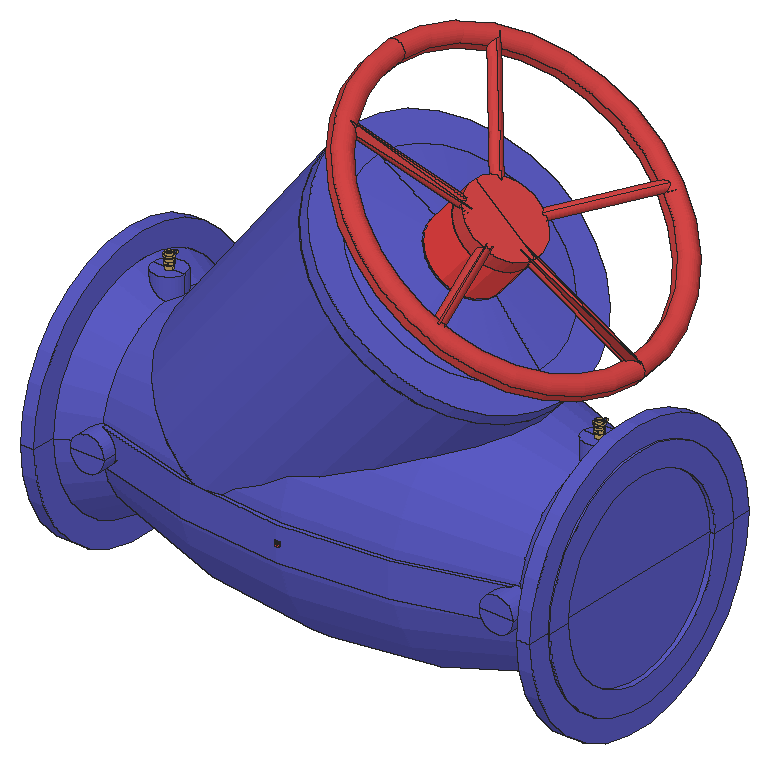
Revit family "HERZ Strömax Балансировочный клапан с измерительными клапанами, шпиндель наклонный 4220 GF PN25", category Rohrzubehör, Revit 2018
Family settings
  Bemaßung runder Anschluss = Durchmesser verwenden
  Teiletyp = Unterbricht
  OmniClass-Nummer = 23.65.55.14
  OmniClass-Titel = Valves for Liquid Services
  Arbeitsebenenbasiert = Nein
  Immer vertikal = Ja
  Beim Laden mit Abzugskörper schneiden = Nein
  Gemeinsam genutzt = Nein
Parameters
  Шпиндель = "нержавеющая сталь"  # constant formula
  Среда = "Допускается использование этилен- и пропиленгликоля в концентрации смеси 25-50% объема.\r\nКачество теплоносителя согласно ÖNORM H 5195 и VDI 2035."
  Область применения = "Для гидравлической балансировки в системах отопления или охлаждения, регулирования и перекрытия трубопроводов, стояков, теплообменников, тепловых и холодильных регистров."
  Номер заказа [instance] = size_lookup("4220_GF_25_", "Artnr", 0, Nennweite)  # 1422089
  Мин. рабочая температура = -10 °C  # constant formula
  Макс. рабочее давление = 2500000.0 Pa  # constant formula
  Макс. рабочая температура = 110 °C  # constant formula
  Корпус = "чугун с шаровидным графитом EN-GJS-400-15"  # constant formula
  Исполнение = "Балансировочный клапан STRÖMAX-GF с измерительными клапанами, DN 350-500, корпус из чугуна с шаровидным графитом GJS 400-15 в соответствии с EN 1561, фланцы в соответствии с EN 1092, PN 16 или PN 25, покрыт синей эмалью.\r\nБукса из чугуна с шаровидным графитом GJS 400-15, с неподнимающимся шпинделем, уплотнение шпинделя с посощью тройных кольцевых уплотнений.\r\nЦифровой лимб указателя настройки."
  Измерение перепада давления = "Балансировочный клапан STRÖMAX GF оборудован двумя измерительными клапанами:\r\nпри использовании соответствующего измерительного прибора можно измерить перепад давления и благодаря этому можно соответственно определить расход."
  Букса = "чугун с шаровидным графитом EN-GJS-400-15"  # constant formula
  Счетное устройство = "пластмасса"  # constant formula
  kvs-значения [instance] = if(Nennweite = 350.00 mm, 2917.6, if(Nennweite = 400.00 mm, 3854.8, if(Nennweite = 500.00 mm, 5250.6, 0)))  # 2917.6
  W02 = 60.00°  # constant formula
  W01 = 50.00°  # constant formula
  Кегель клапана = "чугун с шаровидным графитом EN-GJS-400-15 согласно EN 1561 / EPDM с покрытием"  # constant formula
  S01 [instance] = Nennweite + 10.00 mm  # 360.00 mm
  Регулирующий шпиндель = "нержавеющая сталь"  # constant formula
  O-Ring = "EPDM"  # constant formula
  L04 [instance] = size_lookup("4220_GF_25_", "L4", 1.00 mm, Nennweite)  # 209.00 mm
  H11 = 85.00 mm  # constant formula
  H10 [instance] = H07 + H03  # 569.50 mm
  H08 = 47.00 mm  # constant formula
  H07 = 50.00 mm  # constant formula
  H06 = 27.00 mm  # constant formula
  H05 [instance] = H04 + 25.00 mm  # 495.00 mm
  H04 [instance] = size_lookup("4220_GF_25_", "H4", 1.00 mm, Nennweite)  # 470.00 mm
  H03 [instance] = size_lookup("4220_GF_25_", "H3", 1.00 mm, Nennweite)  # 519.50 mm
  Вес [instance] = if(Nennweite = 350.00 mm, "560.0 kg", if(Nennweite = 400.00 mm, "611.0 kg", if(Nennweite = 500.00 mm, "1109.0 kg", "0")))  # "560.0 kg"
  URL = "www.herz-armaturen.ru"
  SCRNSEQ = "ARM;ARM_TYP=\"STRV\";2"
  SCRNCODE = "05;07;02"  # constant formula
  R02 [instance] = size_lookup("4220_GF_25_", "R2", 1.00 mm, Nennweite)  # 30.00 mm
  R01 [instance] = size_lookup("4220_GF_25_", "R1", 1.00 mm, Nennweite)  # 32.50 mm
  Nennweite [instance] = 350.00 mm
  L03 [instance] = size_lookup("4220_GF_25_", "L3", 1.00 mm, Nennweite)  # 410.00 mm
  L02 [instance] = size_lookup("4220_GF_25_", "L2", 1.00 mm, Nennweite)  # 390.00 mm
  L01 [instance] = size_lookup("4220_GF_25_", "L1", 1.00 mm, Nennweite)  # 397.50 mm
  L00 [instance] = size_lookup("4220_GF_25_", "L", 1.00 mm, Nennweite)  # 980.00 mm
  Hersteller = "HERZ Armaturen Ges.m.b.H."  # constant formula
  H09 [instance] = H03  # 519.50 mm
  H02 [instance] = size_lookup("4220_GF_25_", "H2", 1.00 mm, Nennweite)  # 215.00 mm
  H01 [instance] = size_lookup("4220_GF_25_", "H1", 1.00 mm, Nennweite)  # 220.00 mm
  GT = 10.00 mm  # constant formula
  FLL02 [instance] = size_lookup("4220_GF_25_", "FLL2", 1.00 mm, Nennweite)  # 26.00 mm
  FLL01 [instance] = size_lookup("4220_GF_25_", "FLL1", 1.00 mm, Nennweite)  # 4.00 mm
  FLD03 [instance] = size_lookup("4220_GF_25_", "FLD3", 1.00 mm, Nennweite)  # 177.80 mm
  FLD02 [instance] = size_lookup("4220_GF_25_", "FLD2", 1.00 mm, Nennweite)  # 214.00 mm
  FLD01 [instance] = size_lookup("4220_GF_25_", "FLD1", 1.00 mm, Nennweite)  # 219.00 mm
  FLD00 [instance] = size_lookup("4220_GF_25_", "FLD", 1.00 mm, Nennweite)  # 260.00 mm
  DN500 [instance] = Nennweite = 500.00 mm  # no
  DN400 [instance] = Nennweite = 400.00 mm  # no
  DN350 [instance] = Nennweite = 350.00 mm  # yes
  D05 = 75.00 mm  # constant formula
  D04 [instance] = size_lookup("4220_GF_25_", "D4", 1.00 mm, Nennweite)  # 58.00 mm
  D03 [instance] = size_lookup("4220_GF_25_", "D3", 1.00 mm, Nennweite)  # 240.00 mm
  D02 [instance] = D03 - 20.00 mm  # 220.00 mm
  D01 [instance] = size_lookup("4220_GF_25_", "D1", 1.00 mm, Nennweite)  # 260.00 mm
  D00 [instance] = size_lookup("4220_GF_25_", "D", 1.00 mm, Nennweite)  # 250.00 mm
  BH02 [instance] = -BH01  # -32.50 mm
  BH01 [instance] = size_lookup("4220_GF_25_", "BH1", 1.00 mm, Nennweite)  # 32.50 mm
  Anschluss [instance] = Nennweite / 2  # 175.00 mm
Reference planes
  plane 1 "Mitte (Vorne/hinten)": y = 0
  plane 2: z = 0
  plane 3 "Mitte (Links/rechts)": x = 0
Forms (mm)
  Revolve 1, solid, material "Herz-Marineblau", detail levels fine
    sketch origin (1058.943, 0, 0) x (1, 0, 0) y (0, 1, 0)
      loop
        line (-1544.943, 260) -> (-1544.943, 219) -> (-1548.943, 219) -> (-1548.943, 175) -> (-1538.943, 175) -> (-1538.943, 0) -> (-578.943, 0) -> (-578.943, 175) -> (-568.943, 175) -> (-568.943, 219) -> (-572.943, 219) -> (-572.943, 260) -> (-598.943, 260) -> (-598.943, 214) -> (-661.443, 177.8)
        arc (-661.443, 177.8) -> (-1058.943, 250) -> (-1456.443, 177.8) r 1130.326
        line (-1456.443, 177.8) -> (-1518.943, 214) -> (-1518.943, 260) -> (-1544.943, 260)
      axis (-1548.943, 0) -> (-568.943, 0)
    angle from 0 to 360
  Revolve 2, solid, material "Herz-Marineblau", detail levels fine
    sketch origin (0, 0, 0) x (1, 0, 0) y (0, 1, 0)
      loop
        line (-390, 220) -> (-422.5, 220) -> (-422.5, -220) -> (-390, -220) -> (-390, 220)
      axis (-390, 220) -> (-390, -220)
    angle from 0 to 360
  Revolve 3, solid, material "Herz-Marineblau", detail levels fine
    sketch origin (0, 0, 0) x (-1, 0, 0) y (0, 1, 0)
      loop
        line (-390, 220) -> (-422.5, 220) -> (-422.5, -220) -> (-390, -220) -> (-390, 220)
      axis (-390, 220) -> (-390, -220)
    angle from 0 to 360
  Revolve 4, solid, material "Herz-Marineblau", detail levels fine
    sketch origin (0, 0, 0) x (1, 0, 0) y (0, 0, 1)
      loop
        line (-410, 0) -> (-410, 215) -> (-440, 215) -> (-440, 0) -> (-410, 0)
      axis (-410, 215) -> (-410, 0)
    angle from 0 to 360
  Revolve 5, solid, material "Herz-Marineblau", detail levels fine
    sketch origin (0, 0, 0) x (-1, 0, 0) y (0, 0, 1)
      loop
        line (-410, 0) -> (-410, 215) -> (-440, 215) -> (-440, 0) -> (-410, 0)
      axis (-410, 215) -> (-410, 0)
    angle from 0 to 360
  Extrusion 6, solid, material "Herz-Marineblau", visible <- "DN500", detail levels fine
    sketch origin (0, 0, 0) x (1, 0, 0) y (0, 1, 0)
      loop
        arc (-475, -263.998) -> (0, -282.994) -> (475, -263.998) r 5948.094
        line (475, -263.998) -> (475, 263.998)
        arc (475, 263.998) -> (0, 282.994) -> (-475, 263.998) r 5948.094
        line (-475, 263.998) -> (-475, -263.998)
    from -32.5 <- "BH02" to 32.5 <- "BH01"
  Extrusion 7, solid, material "Herz-Marineblau", visible <- "DN400", detail levels fine
    sketch origin (0, 0, 0) x (1, 0, 0) y (0, 1, 0)
      loop
        arc (-410, -209.712) -> (0, -223.005) -> (410, -209.712) r 6329.849
        line (410, -209.712) -> (410, 209.712)
        arc (410, 209.712) -> (0, 223.005) -> (-410, 209.712) r 6329.849
        line (-410, 209.712) -> (-410, -209.712)
    from -32.5 <- "BH02" to 32.5 <- "BH01"
  Extrusion 8, solid, material "Herz-Marineblau", visible <- "DN350", detail levels fine
    sketch origin (0, 0, 0) x (1, 0, 0) y (0, 1, 0)
      loop
        arc (-390, -185.916) -> (0, -255.071) -> (390, -185.916) r 1134.286
        line (390, -185.916) -> (390, 185.916)
        arc (390, 185.916) -> (0, 255.071) -> (-390, 185.916) r 1134.286
        line (-390, 185.916) -> (-390, -185.916)
    from -32.5 <- "BH02" to 32.5 <- "BH01"
  Revolve 9, solid, material "Herz-Marineblau", detail levels fine
    sketch origin (0, 0, 0) x (1, 0, 0) y (0, 0, 1)
      loop
        line (-209, 0) -> (124.928, 397.96) -> (-74.243, 565.085) -> (-361.033, 192.188) -> (-361.781, 160.181) -> (-209, 0)
      axis (-209, 0) -> (124.928, 397.96)
    angle from 0 to 360
  Revolve 10, solid, material "Herz-Marineblau", detail levels fine
    sketch origin (0, 0, 0) x (1, 0, 0) y (0, 0, 1)
      loop
        line (124.928, 397.96) -> (157.068, 436.262) -> (99.614, 484.471) -> (97.686, 482.173)
        arc (97.686, 482.173) -> (43.802, 517.303) -> (-12.458, 548.486) r 898.044
        line (-12.458, 548.486) -> (-56.888, 585.768) -> (-74.243, 565.085) -> (124.928, 397.96)
      axis (157.068, 436.262) -> (124.928, 397.96)
    angle from 0 to 360
  Revolve 11, solid, material "Kunsstoff rot", detail levels fine
    sketch origin (0, 0, 0) x (1, 0, 0) y (0, 0, 1)
      loop
        line (157.068, 436.262) -> (211.704, 501.376) -> (154.251, 549.585) -> (99.614, 484.471) -> (157.068, 436.262)
      axis (211.704, 501.376) -> (157.068, 436.262)
    angle from 0 to 360
Lines and regions (mm)
  model lines, detail levels coarse+medium
    curve 1: line (-490, 0, 260) -> (-490, 0, -260)
    curve 2: line (-490, 0, -260) -> (490, 0, 260)
    curve 3: line (490, 0, 260) -> (490, 0, -260)
    curve 4: line (490, 0, -260) -> (-490, 0, 260)
    curve 5: line (0, 0, 0) -> (299.933, 0, 519.5)
    curve 6: line (144.049, 0, 609.5) -> (455.818, 0, 429.5)
    curve 7: line (-490, 260, 0) -> (-490, -260, 0)
    curve 8: line (-490, -260, 0) -> (490, 260, 0)
    curve 9: line (490, 260, 0) -> (490, -260, 0)
    curve 10: line (490, -260, 0) -> (-490, 260, 0)
    curve 11: line (0, 0, 0) -> (299.933, 519.5, 0)
    curve 12: line (144.049, 609.5, 0) -> (455.818, 429.5, 0)
Dimensions and locks
  "FLD00": plane 1 "Mitte (Vorne/hinten)" to Revolve 1 sketch curve
  "FLD01": plane 1 "Mitte (Vorne/hinten)" to Revolve 1 sketch curve
  "FLD02": plane 1 "Mitte (Vorne/hinten)" to Revolve 1 sketch curve  (x2)
  "FLD03": plane 1 "Mitte (Vorne/hinten)" to Revolve 1 sketch curve  (x2)
  "GT": Revolve 1 sketch curve to Revolve 1 sketch curve  (x2)
  "FLL01": Revolve 1 sketch curve to Revolve 1 sketch curve  (x2)
  "FLL02": Revolve 1 sketch curve to Revolve 1 sketch curve  (x2)
  equal spacing: Revolve 1 sketch curve, plane 3 "Mitte (Links/rechts)", Revolve 1 sketch curve
  "Anschluss": Revolve 1 sketch curve to plane 1 "Mitte (Vorne/hinten)"
  "Anschluss": plane 1 "Mitte (Vorne/hinten)" to Revolve 1 sketch curve
  "FLD01": Revolve 1 sketch curve to plane 1 "Mitte (Vorne/hinten)"
  "FLD00": Revolve 1 sketch curve to plane 1 "Mitte (Vorne/hinten)"
  "L00": Revolve 1 sketch curve to Revolve 1 sketch curve
  "D00": plane 1 "Mitte (Vorne/hinten)" to Revolve 1 sketch curve
  "L01": Revolve 1 sketch curve to plane 3 "Mitte (Links/rechts)" to Revolve 1 sketch curve
  "L02": Revolve 2 sketch curve to plane 3 "Mitte (Links/rechts)"
  "R01": Revolve 2 sketch curve to Revolve 2 sketch curve
  "H01": Revolve 2 sketch curve to plane 1 "Mitte (Vorne/hinten)" to Revolve 2 sketch curve
  "L02": plane 3 "Mitte (Links/rechts)" to Revolve 3 sketch curve
  "R01": Revolve 3 sketch curve to Revolve 3 sketch curve
  "H01": Revolve 3 sketch curve to plane 1 "Mitte (Vorne/hinten)" to Revolve 3 sketch curve
  "L03": plane 3 "Mitte (Links/rechts)" to Revolve 4 sketch curve
  "R02": Revolve 4 sketch curve to Revolve 4 sketch curve
  "H02": Revolve 4 sketch curve to plane 2
  "R02": Revolve 5 sketch curve to Revolve 5 sketch curve
  "L03": Revolve 5 sketch curve to plane 3 "Mitte (Links/rechts)"
  "H02": Revolve 5 sketch curve to plane 2
  "L03": plane 3 "Mitte (Links/rechts)" to nested 1
  "L03": nested 2 to plane 3 "Mitte (Links/rechts)"
  "H02": nested 1 to plane 2
  "H02": nested 2 to plane 2
  "FLD00": curve 4 to plane 2 to curve 2
  "FLD00": curve 3 to plane 2 to curve 4
  equal spacing: curve 1, plane 3 "Mitte (Links/rechts)", curve 3
  "L00": curve 1 to curve 3
  "H09": curve 5 to plane 2
  equal spacing: curve 1, curve 5, curve 3
  equal spacing: curve 6, curve 5, curve 6
  "S01": curve 6 to curve 6
  "FLD00": curve 8 to plane 1 "Mitte (Vorne/hinten)" to curve 10
  "FLD00": curve 10 to plane 1 "Mitte (Vorne/hinten)" to curve 9
  equal spacing: curve 7, plane 3 "Mitte (Links/rechts)", curve 9
  "L00": curve 7 to curve 9
  equal spacing: curve 7, curve 11, curve 9
  "H09": plane 1 "Mitte (Vorne/hinten)" to curve 11
  equal spacing: curve 12, curve 11, curve 12
  "S01": curve 12 to curve 12
  "L04": plane 3 "Mitte (Links/rechts)" to Revolve 9 sketch curve  (x2)
  "H03": Revolve 9 sketch curve to Revolve 9 sketch curve
  "D02": Revolve 9 sketch curve to Revolve 9 sketch curve
  "H05": Revolve 9 sketch curve to Revolve 9 sketch curve
  "H04": Revolve 9 sketch curve to Revolve 9 sketch curve
  "D03": Revolve 9 sketch curve to Revolve 9 sketch curve
  "H03": Revolve 10 sketch curve to Revolve 10 sketch curve
  "D01": Revolve 10 sketch curve to Revolve 10 sketch curve  (x2)
  "D04": Revolve 10 sketch curve to Revolve 10 sketch curve
  "D05": Revolve 10 sketch curve to Revolve 10 sketch curve
  "H06": Revolve 9 to Revolve 10 sketch curve
  "H07": Revolve 9 to Revolve 10 sketch curve
  "H08": Revolve 9 to Revolve 10 sketch curve
  "L04": plane 3 "Mitte (Links/rechts)" to Revolve 10 sketch curve
  "D01": Revolve 9 sketch curve to Revolve 9 sketch curve
  "L04": plane 3 "Mitte (Links/rechts)" to Revolve 11 sketch curve
  "H11": Revolve 10 to Revolve 11 sketch curve
  "D05": Revolve 11 sketch curve to Revolve 11 sketch curve  (x2)
  "H10": Revolve 11 sketch curve to Revolve 11 sketch curve
  "W02": angle plane 2 to curve 5
  "W02": angle plane 1 "Mitte (Vorne/hinten)" to curve 11
  "W01": angle plane 2 to Revolve 9 sketch curve  (x2)
  "W01": angle plane 2 to Revolve 10 sketch curve  (x2)
  "W01": angle plane 2 to Revolve 11 sketch curve  (x2)
  aligned and locked: level to plane 2
Automatic sketch dimensions
  Extrusion 6 sketch curve to plane 3 "Mitte (Links/rechts)" = 0.00 mm  (x2)
  plane 1 "Mitte (Vorne/hinten)" to Extrusion 6 sketch curve = 263.998 mm
  Extrusion 6 sketch curve to plane 3 "Mitte (Links/rechts)" = 475.00 mm
  Extrusion 6 sketch curve to Extrusion 6 sketch curve = 5401.102 mm
  Extrusion 6 sketch curve to plane 1 "Mitte (Vorne/hinten)" = 5665.10 mm
  Extrusion 6 sketch curve to plane 1 "Mitte (Vorne/hinten)" = 263.998 mm  (x2)
  Extrusion 7 sketch curve to plane 3 "Mitte (Links/rechts)" = 0.00 mm  (x2)
  plane 1 "Mitte (Vorne/hinten)" to Extrusion 7 sketch curve = 209.712 mm  (x2)
  Extrusion 7 sketch curve to plane 3 "Mitte (Links/rechts)" = 410.00 mm
  Extrusion 7 sketch curve to Extrusion 7 sketch curve = 5897.131 mm
  Extrusion 7 sketch curve to plane 1 "Mitte (Vorne/hinten)" = 6106.844 mm
  Extrusion 7 sketch curve to plane 1 "Mitte (Vorne/hinten)" = 209.712 mm
  Extrusion 8 sketch curve to plane 3 "Mitte (Links/rechts)" = 0.00 mm  (x2)
  plane 1 "Mitte (Vorne/hinten)" to Extrusion 8 sketch curve = 185.916 mm
  Extrusion 8 sketch curve to plane 3 "Mitte (Links/rechts)" = 390.00 mm
  Extrusion 8 sketch curve to Extrusion 8 sketch curve = 693.298 mm
  Extrusion 8 sketch curve to plane 1 "Mitte (Vorne/hinten)" = 879.214 mm
  Extrusion 8 sketch curve to plane 1 "Mitte (Vorne/hinten)" = 185.916 mm  (x2)
  plane 1 "Mitte (Vorne/hinten)" to Revolve 1 sketch curve = 0.00 mm  (x2)
  Revolve 1 sketch curve to Revolve 1 sketch curve = 35.00 mm
  Revolve 1 sketch curve to Revolve 1 sketch curve = 40.00 mm
  Revolve 2 sketch curve to Revolve 2 sketch curve = 0.00 mm  (x3)
  Revolve 3 sketch curve to Revolve 3 sketch curve = 0.00 mm  (x3)
  Revolve 4 sketch curve to level = 0.00 mm  (x2)
  Revolve 4 sketch curve to Revolve 4 sketch curve = 0.00 mm  (x2)
  Revolve 5 sketch curve to level = 0.00 mm  (x2)
  Revolve 5 sketch curve to Revolve 5 sketch curve = 0.00 mm  (x2)
  Revolve 9 sketch curve to level = 0.00 mm  (x2)
  Revolve 10 sketch curve to level = 0.00 mm
  Revolve 10 sketch curve to level = 252.062 mm
  Revolve 11 sketch curve to level = 0.00 mm
Nested families
  nested 1: "Messstutzen_Band_Eintritt_senkrecht_(oben)" at (-410, 0, 206), type "Messstutzen_Band_Eintritt_senkrecht_(oben)", detail levels fine
    with Schutzkappe yes, Nennweite 0.00 mm, Gewicht 0.00 kg, Bestellnummer 0
  nested 2: "Messstutzen_Band_Austritt_senkrecht_(oben)" at (410, 0, 206), type "Messstutzen_Band_Austritt_senkrecht_(oben)", detail levels fine
    with Schutzkappe yes, Nennweite 0.00 mm, Gewicht 0.00 kg, Bestellnummer 0
  nested 3: "Herz-Logo-vorne" at (0, -282.994, 0) x (0, 1, 0) z (0, 0, 1), visible <- "DN500", type "Herz-Logo-vorne", detail levels fine
  nested 4: "Herz-Logo-vorne" at (0, -221.503, 0) x (0, 1, 0) z (0, 0, 1), visible <- "DN400", type "Herz-Logo-vorne", detail levels fine
  nested 5: "Herz-Logo-vorne" at (0, -255.053, 0) x (0, 1, 0) z (0, 0, 1), visible <- "DN350", type "Herz-Logo-vorne", detail levels fine
  nested 6: "Strangregulierventil-Handrad_VOLL-Schräg (Rot) DN350-DN400" at (211.704, 0, 501.376), visible <- "DN350", type "Strangregulierventil-Handrad_VOLL-Schräg (Rot) DN350-DN400"
    with DN300 yes
  nested 7: "Strangregulierventil-Handrad_VOLL-Schräg (Rot) DN350-DN400" at (230.272, 0, 547.339), visible <- "DN400", type "Strangregulierventil-Handrad_VOLL-Schräg (Rot) DN350-DN400"
    with DN300 yes
  nested 8: "Strangregulierventil-Handrad_VOLL-Schräg (Rot) DN500" at (262.637, 0, 616.896), visible <- "DN500", type "Strangregulierventil-Handrad_VOLL-Schräg (Rot) DN500", detail levels fine
    with DN300 yes
Connectors
  piping at (-490, 0, 0), diameter 350, driven by "Nennweite"
    settings: on Revolve 1, index 1, connector inside diameter 609.6 mm, connector length 0.00 mm, flow factor 0, pipe flow 0.0 L/s, pressure drop 0.0 Pa, fitting loss kfactor 0, connector angle 0.00°, fixture units 0, engagement length 0.00 mm, angle of deflection 0.00°, flow configuration 0, flow direction 1, fitting loss method 0, system type 29, joint type 0, gender type 0, connector reference index -1, connector utility 0, adjustable connector no, is connector primary yes, connector description ""
  piping at (490, 0, 0), diameter 350, driven by "Nennweite"
    settings: on Revolve 1, index 2, connector inside diameter 609.6 mm, connector length 0.00 mm, flow factor 0, pipe flow 0.0 L/s, pressure drop 0.0 Pa, fitting loss kfactor 0, connector angle 0.00°, fixture units 0, engagement length 0.00 mm, angle of deflection 0.00°, flow configuration 0, flow direction 2, fitting loss method 0, system type 29, joint type 0, gender type 0, connector reference index -1, connector utility 0, adjustable connector no, is connector primary no, connector description ""
Definition of nested family "Messstutzen_Band_Eintritt_senkrecht_(oben)"
  Parameters (values of type "Messstutzen_Band_Eintritt_senkrecht_(oben)")
    URL = "www.herz-armaturen.at"
    Schutzkappe [instance] = yes
    Nennweite [instance] = 0.00 mm
    Manufacturer = "Herz Armaturen GmbH"  # constant formula
    Gewicht [instance] = 0.00 kg
    Bestellnummer [instance] = 0
  Reference planes
    plane 1 "Mitte (Vorne/hinten)": y = 0
    plane 2: z = 0
    plane 3 "Mitte (Links/rechts)": x = 0
    plane 4 "Schlaufe 1": z = -27
    plane 5 "Schlaufe 2": z = -31.678
  Forms (mm)
    Revolve 1, solid, detail levels fine
      sketch origin (0, 0, 0) x (1, 0, 0) y (0, 0, 1)
        loop
          line (-7.4, 9) -> (-5.55, 9) -> (-5.55, 6)
          arc (-5.55, 6) -> (-5.626, 5.617) -> (-5.843, 5.293) r 1
          line (-5.843, 5.293) -> (-6.455, 4.681) -> (-6.455, 0.9) -> (-5.555, 0) -> (-2, 0) -> (-2, 17.5) -> (-8.4, 17.5)
          arc (-8.4, 17.5) -> (-7.693, 17.207) -> (-7.4, 16.5) r 1
          line (-7.4, 16.5) -> (-7.4, 9)
        loop
          line (-3.7, 27) -> (-7.3, 27) -> (-7.9, 26.4) -> (-7.9, 23) -> (-2, 23) -> (-2, 35.8) -> (-3.805, 35.8) -> (-4.415, 35.19) -> (-4.415, 30.863) -> (-3.7, 30.45) -> (-3.7, 27)
        axis (0, 0) -> (0, 35.8)
      angle from 0 to 360
    Extrusion 2, solid, detail levels fine
      sketch origin (0, 0, 17.5) x (0, 1, 0) y (-1, 0, 0)
        loop
          arc (-7.07, 5.156) -> (-7.578, 4.375) -> (-8, 3.544) r 8.75
          line (-8, 3.544) -> (-8, -3.544)
          arc (-8, -3.544) -> (-7.578, -4.375) -> (-7.07, -5.156) r 8.75
          line (-7.07, -5.156) -> (-0.93, -8.7)
          arc (-0.93, -8.7) -> (0, -8.75) -> (0.93, -8.7) r 8.75
          line (0.93, -8.7) -> (7.07, -5.156)
          arc (7.07, -5.156) -> (7.578, -4.375) -> (8, -3.544) r 8.75
          line (8, -3.544) -> (8, 3.544)
          arc (8, 3.544) -> (7.578, 4.375) -> (7.07, 5.156) r 8.75
          line (7.07, 5.156) -> (0.93, 8.7)
          arc (0.93, 8.7) -> (0, 8.75) -> (-0.93, 8.7) r 8.75
          line (-0.93, 8.7) -> (-7.07, 5.156)
      from 0 to 5.5
    Revolve 3, solid, visible <- "Schutzkappe", detail levels fine
      sketch origin (0, 0, 0) x (1, 0, 0) y (0, 0, 1)
        loop
          line (0, 35.878) -> (0, 36.678) -> (-7, 36.678) -> (-7, 33.378) -> (-6.1, 33.378) -> (-6.1, 31.678) -> (-6.9, 31.678) -> (-6.9, 30.178) -> (-4.415, 30.178) -> (-4.415, 35.268) -> (-3.805, 35.878) -> (0, 35.878)
        axis (0, 30.178) -> (0, 36.678)
      angle from 0 to 360
    Extrusion 4, solid, detail levels fine
      sketch origin (0, 0, 28.5) x (1, 0, 0) y (0, 1, 0)
        loop
          circle (0, 0) r 3.7
        loop
          arc (-3.906, 5.505) -> (0, -6.75) -> (3.906, 5.505) r 6.75
          arc (3.906, 5.505) -> (2.358, 7.288) -> (1.8, 9.582) r 5
          line (1.8, 9.582) -> (-1.8, 9.582)
          arc (-1.8, 9.582) -> (-2.358, 7.288) -> (-3.906, 5.505) r 5
      from 0 to -1.5
    Extrusion 5, solid, detail levels fine
      sketch origin (0, 0, 33.178) x (1, 0, 0) y (0, 1, 0)
        loop
          circle (0, 0) r 6.1
        loop
          arc (-4.495, 8.652) -> (0, -9.75) -> (4.495, 8.652) r 9.75
          arc (4.495, 8.652) -> (2.527, 10.493) -> (1.8, 13.089) r 5
          line (1.8, 13.089) -> (-1.8, 13.089)
          arc (-1.8, 13.089) -> (-2.527, 10.493) -> (-4.495, 8.652) r 5
      from 0 to -1.5
    Sweep 6, solid, detail levels fine
      path origin (0, 0, 0) x (0, 0, -1) y (0, -1, 0)
        loop
          line (-27.75, -9.582) -> (-27.75, -14.522)
          arc (-27.75, -14.522) -> (-30.089, -16.862) -> (-32.428, -14.522) r 2.339
          line (-32.428, -14.522) -> (-32.428, -13.089)
      profile origin (0, 12.052, 27.75) x (0, 0, 1) y (1, 0, 0)
        loop
          line (-0.75, -1.8) -> (0.75, -1.8) -> (0.75, 1.8) -> (-0.75, 1.8) -> (-0.75, -1.8)
  Dimensions and locks
    aligned and locked: level to plane 2
Definition of nested family "Messstutzen_Band_Austritt_senkrecht_(oben)"
  Parameters (values of type "Messstutzen_Band_Austritt_senkrecht_(oben)")
    URL = "www.herz-armaturen.at"
    Schutzkappe [instance] = yes
    Nennweite [instance] = 0.00 mm
    Manufacturer = "Herz Armaturen GmbH"  # constant formula
    Gewicht [instance] = 0.00 kg
    Bestellnummer [instance] = 0
  Reference planes
    plane 1 "Mitte (Vorne/hinten)": y = 0
    plane 2: z = 0
    plane 3 "Mitte (Links/rechts)": x = 0
    plane 4 "Schlaufe 1": z = -27
    plane 5 "Schlaufe 2": z = -31.678
  Forms (mm)
    Revolve 1, solid, detail levels fine
      sketch origin (0, 0, 0) x (1, 0, 0) y (0, 0, 1)
        loop
          line (-7.4, 9) -> (-5.55, 9) -> (-5.55, 6)
          arc (-5.55, 6) -> (-5.626, 5.617) -> (-5.843, 5.293) r 1
          line (-5.843, 5.293) -> (-6.455, 4.681) -> (-6.455, 0.9) -> (-5.555, 0) -> (-2, 0) -> (-2, 17.5) -> (-8.4, 17.5)
          arc (-8.4, 17.5) -> (-7.693, 17.207) -> (-7.4, 16.5) r 1
          line (-7.4, 16.5) -> (-7.4, 9)
        loop
          line (-3.7, 27) -> (-7.3, 27) -> (-7.9, 26.4) -> (-7.9, 23) -> (-2, 23) -> (-2, 35.8) -> (-3.805, 35.8) -> (-4.415, 35.19) -> (-4.415, 30.863) -> (-3.7, 30.45) -> (-3.7, 27)
        axis (0, 0) -> (0, 35.8)
      angle from 0 to 360
    Extrusion 2, solid, detail levels fine
      sketch origin (0, 0, 17.5) x (0, 1, 0) y (-1, 0, 0)
        loop
          arc (-7.07, 5.156) -> (-7.578, 4.375) -> (-8, 3.544) r 8.75
          line (-8, 3.544) -> (-8, -3.544)
          arc (-8, -3.544) -> (-7.578, -4.375) -> (-7.07, -5.156) r 8.75
          line (-7.07, -5.156) -> (-0.93, -8.7)
          arc (-0.93, -8.7) -> (0, -8.75) -> (0.93, -8.7) r 8.75
          line (0.93, -8.7) -> (7.07, -5.156)
          arc (7.07, -5.156) -> (7.578, -4.375) -> (8, -3.544) r 8.75
          line (8, -3.544) -> (8, 3.544)
          arc (8, 3.544) -> (7.578, 4.375) -> (7.07, 5.156) r 8.75
          line (7.07, 5.156) -> (0.93, 8.7)
          arc (0.93, 8.7) -> (0, 8.75) -> (-0.93, 8.7) r 8.75
          line (-0.93, 8.7) -> (-7.07, 5.156)
      from 0 to 5.5
    Revolve 3, solid, visible <- "Schutzkappe", detail levels fine
      sketch origin (0, 0, 0) x (1, 0, 0) y (0, 0, 1)
        loop
          line (0, 35.878) -> (0, 36.678) -> (-7, 36.678) -> (-7, 33.378) -> (-6.1, 33.378) -> (-6.1, 31.678) -> (-6.9, 31.678) -> (-6.9, 30.178) -> (-4.415, 30.178) -> (-4.415, 35.268) -> (-3.805, 35.878) -> (0, 35.878)
        axis (0, 30.178) -> (0, 36.678)
      angle from 0 to 360
    Extrusion 4, solid, detail levels fine
      sketch origin (0, 0, 28.5) x (1, 0, 0) y (0, 1, 0)
        loop
          circle (0, 0) r 3.7
        loop
          arc (-3.906, 5.505) -> (0, -6.75) -> (3.906, 5.505) r 6.75
          arc (3.906, 5.505) -> (2.358, 7.288) -> (1.8, 9.582) r 5
          line (1.8, 9.582) -> (-1.8, 9.582)
          arc (-1.8, 9.582) -> (-2.358, 7.288) -> (-3.906, 5.505) r 5
      from 0 to -1.5
    Extrusion 5, solid, detail levels fine
      sketch origin (0, 0, 33.178) x (1, 0, 0) y (0, 1, 0)
        loop
          circle (0, 0) r 6.1
        loop
          arc (-4.495, 8.652) -> (0, -9.75) -> (4.495, 8.652) r 9.75
          arc (4.495, 8.652) -> (2.527, 10.493) -> (1.8, 13.089) r 5
          line (1.8, 13.089) -> (-1.8, 13.089)
          arc (-1.8, 13.089) -> (-2.527, 10.493) -> (-4.495, 8.652) r 5
      from 0 to -1.5
    Sweep 6, solid, detail levels fine
      path origin (0, 0, 0) x (0, 0, -1) y (0, -1, 0)
        loop
          line (-27.75, -9.582) -> (-27.75, -14.522)
          arc (-27.75, -14.522) -> (-30.089, -16.862) -> (-32.428, -14.522) r 2.339
          line (-32.428, -14.522) -> (-32.428, -13.089)
      profile origin (0, 12.052, 27.75) x (0, 0, 1) y (1, 0, 0)
        loop
          line (-0.75, -1.8) -> (0.75, -1.8) -> (0.75, 1.8) -> (-0.75, 1.8) -> (-0.75, -1.8)
  Dimensions and locks
    aligned and locked: level to plane 2
Definition of nested family "Herz-Logo-vorne"
  Reference planes
    plane 1 "Mitte (Vorne/hinten)": y = 0
    plane 2: z = 0
    plane 3 "Mitte (Links/rechts)": x = 0
  Forms (mm)
    Extrusion 1, solid
      sketch origin (0.732, -0.018, 0.017) x (0, -1, 0) y (0, 0, 1)
        loop
          line (-0.018, -4.517) -> (4.482, -4.517) -> (4.482, 4.483) -> (-4.518, 4.483) -> (-4.518, -4.517) -> (-0.018, -4.517)
        loop
          line (-0.05, -3.48) -> (3.482, -3.48) -> (3.482, 3.483) -> (-3.518, 3.483) -> (-3.518, -3.48) -> (-0.05, -3.48)
        loop
          arc (-0.018, 2.383) -> (-1.543, 3.287) -> (-3.067, 2.383) r 1.738
          arc (-3.067, 2.383) -> (-3.191, 1.899) -> (-3.067, 1.415) r 1.009
          line (-3.067, 1.415) -> (-0.018, -3.281) -> (3.032, 1.415)
          arc (3.032, 1.415) -> (3.156, 1.899) -> (3.032, 2.383) r 1.009
          arc (3.032, 2.383) -> (1.507, 3.287) -> (-0.018, 2.383) r 1.738
        loop
          arc (1.885, 1.272) -> (2.005, 1.675) -> (1.885, 2.079) r 0.74
          arc (1.885, 2.079) -> (1.265, 2.416) -> (0.644, 2.079) r 0.74
          line (0.644, 2.079) -> (-0.018, 0.97) -> (-0.679, 2.079)
          arc (-0.679, 2.079) -> (-1.3, 2.416) -> (-1.921, 2.079) r 0.74
          arc (-1.921, 2.079) -> (-2.04, 1.675) -> (-1.921, 1.272) r 0.74
          line (-1.921, 1.272) -> (-0.018, -1.658) -> (1.885, 1.272)
      from 0 to 1.5
  Dimensions and locks
    aligned and locked: level to plane 2
Definition of nested family "Strangregulierventil-Handrad_VOLL-Schräg (Rot) DN350-DN400"
  Parameters (values of type "Strangregulierventil-Handrad_VOLL-Schräg (Rot) DN350-DN400")
    DN300 [instance] = yes
  Reference planes
    plane 1 "Mitte (Vorne/hinten)": y = 0
    plane 2: z = 0
    plane 3 "Mitte (Links/rechts)": x = 0
  Forms (mm)
    Revolve 1, solid, detail levels fine
      sketch origin (0, 0, 0) x (0.766044, 0, -0.642788) y (0.642788, 0, 0.766044)
        loop
          line (0, 0) -> (0, 30) -> (-75, 30) -> (-75, 0) -> (0, 0)
        loop
          line (-316.85, 58.85) -> (-316.85, 42.85) -> (-280.85, 42.85) -> (-280.85, 58.85)
          arc (-280.85, 58.85) -> (-298.85, 76.85) -> (-316.85, 58.85) r 18
        axis (0, 58.85) -> (0, 0)
      angle from 0 to 360
    Revolve 2, solid, detail levels fine
      sketch origin (0, 0, 0) x (0.766044, 0, -0.642788) y (0.642788, 0, 0.766044)
        loop
          line (299.245, 74.817) -> (49.107, 26.195) -> (50.831, 16.343) -> (301.153, 65.001) -> (299.245, 74.817)
        axis (50.832, 16.338) -> (301.154, 64.996)
      angle from 0 to 360
    Revolve 3, solid, detail levels fine
      sketch origin (0, 0, 0) x (0.236721, 0.951057, -0.198632) y (0.642788, 0, 0.766044)
        loop
          line (299.245, 74.817) -> (49.107, 26.195) -> (50.831, 16.343) -> (301.153, 65.001) -> (299.245, 74.817)
        axis (50.832, 16.338) -> (301.154, 64.996)
      angle from 0 to 360
    Revolve 4, solid, detail levels fine
      sketch origin (0, 0, 0) x (-0.619743, 0.587785, 0.520026) y (0.642788, 0, 0.766044)
        loop
          line (299.245, 74.817) -> (49.107, 26.195) -> (50.831, 16.343) -> (301.153, 65.001) -> (299.245, 74.817)
        axis (50.832, 16.338) -> (301.154, 64.996)
      angle from 0 to 360
    Revolve 5, solid, detail levels fine
      sketch origin (0, 0, 0) x (-0.619743, -0.587785, 0.520026) y (0.642788, 0, 0.766044)
        loop
          line (299.245, 74.817) -> (49.107, 26.195) -> (50.831, 16.343) -> (301.153, 65.001) -> (299.245, 74.817)
        axis (50.832, 16.338) -> (301.154, 64.996)
      angle from 0 to 360
    Revolve 6, solid, detail levels fine
      sketch origin (0, 0, 0) x (0.236721, -0.951057, -0.198632) y (0.642788, 0, 0.766044)
        loop
          line (299.245, 74.817) -> (49.107, 26.195) -> (50.831, 16.343) -> (301.153, 65.001) -> (299.245, 74.817)
        axis (50.832, 16.338) -> (301.154, 64.996)
      angle from 0 to 360
  Dimensions and locks
    Revolve 1 sketch curve to plane 2 = 255.179 mm
    Revolve 1 sketch curve to Revolve 1 sketch curve = 30.00 mm
    aligned and locked: level to plane 2
Definition of nested family "Strangregulierventil-Handrad_VOLL-Schräg (Rot) DN500"
  Parameters (values of type "Strangregulierventil-Handrad_VOLL-Schräg (Rot) DN500")
    DN300 [instance] = yes
  Reference planes
    plane 1 "Mitte (Vorne/hinten)": y = 0
    plane 2: z = 0
    plane 3 "Mitte (Links/rechts)": x = 0
  Forms (mm)
    Revolve 1, solid, detail levels fine
      sketch origin (0, 0, 0) x (0.766044, 0, -0.642788) y (0.642788, 0, 0.766044)
        loop
          line (0, 0) -> (0, 30) -> (-75, 30) -> (-75, 0) -> (0, 0)
        loop
          circle (-400, 94.75) r 16.85
        axis (0, 94.75) -> (0, 0)
      angle from 0 to 360
    Revolve 2, solid, detail levels fine
      sketch origin (0, 0, 0) x (0.766044, 0, -0.642788) y (0.642788, 0, 0.766044)
        loop
          line (400.44, 94.852) -> (397.067, 109.46) -> (48.97, 25.68) -> (51.251, 14.235) -> (400.44, 94.852)
        axis (51.251, 14.235) -> (400.44, 94.852)
      angle from 0 to 360
    Revolve 3, solid, detail levels fine
      sketch origin (0, 0, 0) x (0.383022, 0.866025, -0.321394) y (0.642788, 0, 0.766044)
        loop
          line (400.44, 94.852) -> (397.067, 109.46) -> (48.97, 25.68) -> (51.251, 14.235) -> (400.44, 94.852)
        axis (51.251, 14.235) -> (400.44, 94.852)
      angle from 0 to 360
    Revolve 4, solid, detail levels fine
      sketch origin (0, 0, 0) x (-0.383022, 0.866025, 0.321394) y (0.642788, 0, 0.766044)
        loop
          line (400.44, 94.852) -> (397.067, 109.46) -> (48.97, 25.68) -> (51.251, 14.235) -> (400.44, 94.852)
        axis (51.251, 14.235) -> (400.44, 94.852)
      angle from 0 to 360
    Revolve 5, solid, detail levels fine
      sketch origin (0, 0, 0) x (-0.766044, 0, 0.642788) y (0.642788, 0, 0.766044)
        loop
          line (400.44, 94.852) -> (397.067, 109.46) -> (48.97, 25.68) -> (51.251, 14.235) -> (400.44, 94.852)
        axis (51.251, 14.235) -> (400.44, 94.852)
      angle from 0 to 360
    Revolve 6, solid, detail levels fine
      sketch origin (0, 0, 0) x (-0.383022, -0.866025, 0.321394) y (0.642788, 0, 0.766044)
        loop
          line (400.44, 94.852) -> (397.067, 109.46) -> (48.97, 25.68) -> (51.251, 14.235) -> (400.44, 94.852)
        axis (51.251, 14.235) -> (400.44, 94.852)
      angle from 0 to 360
    Revolve 7, solid, detail levels fine
      sketch origin (0, 0, 0) x (0.383022, -0.866025, -0.321394) y (0.642788, 0, 0.766044)
        loop
          line (400.44, 94.852) -> (397.067, 109.46) -> (48.97, 25.68) -> (51.251, 14.235) -> (400.44, 94.852)
        axis (51.251, 14.235) -> (400.44, 94.852)
      angle from 0 to 360
  Dimensions and locks
    Revolve 1 sketch curve to Revolve 1 sketch curve = 30.00 mm
    Revolve 1 sketch curve to Revolve 1 sketch curve = 416.85 mm
    Revolve 1 sketch curve to level = 346.548 mm
    Revolve 1 sketch curve to Revolve 1 sketch curve = 75.00 mm
    aligned and locked: level to plane 2
